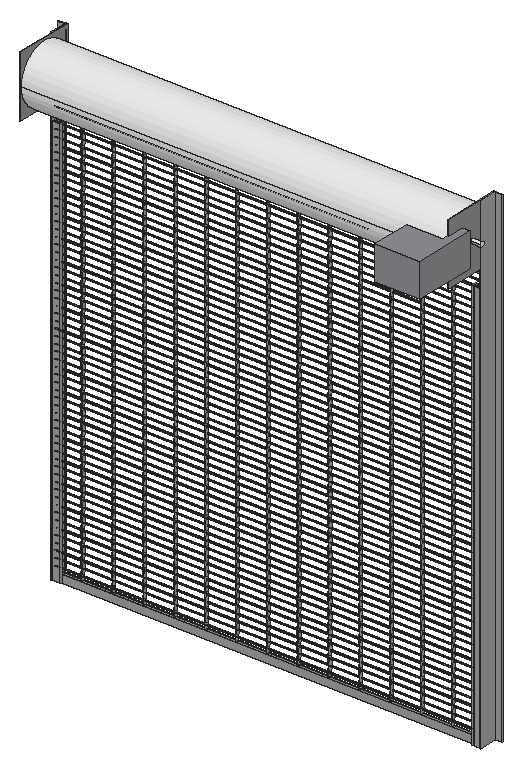
Revit family "Doors_Industrial_Overhead-Door-Corporation_Upward-Coiling-Security-Grilles-670_", category Specialty Equipment, host Wall, Revit 2019 (continued)
Definition of nested family "Motor"
  Definition of nested family "2D_NotScalableMain_29e791da-3db9-4234-ab15-44456784202b"
    Lines and regions (in)
      Masking region 8, in view "Ref. Level", visible <- "E-Egress"
        outline origin (0, 0, 0) x (1, 0, 0) y (0, 1, 0)
          loop
            arc (-4.02324, -5.67585) -> (0, -6.0017) -> (4.02324, -5.67585) r 25
            arc (4.02324, -5.67585) -> (4.24466, -5.55085) -> (4.3324, -5.3122) r 0.36846
            line (4.3324, -5.3122) -> (4.3324, -5.05565) -> (4.116, -5.05565) -> (4.116, -3.22517) -> (4.57, -3.22517) -> (4.57, -1.27241) -> (4.799, -1.27241) -> (4.799, -0.84111) -> (5.199, -0.84111) -> (5.199, 0.79) -> (7.2495, 0.79) -> (7.2495, -1.81) -> (7.52, -1.81) -> (7.52, 0.79) -> (8.82, 0.79) -> (8.82, 1.59) -> (7.52, 1.59) -> (7.52, 4.19) -> (7.2495, 4.19) -> (7.2495, 1.59) -> (4.57, 1.59) -> (4.57, 3.22517) -> (2.988, 3.22517) -> (2.988, 4.96193) -> (-2.988, 4.96193) -> (-2.988, 3.22517) -> (-4.5757, 3.22517) -> (-4.5757, 1.86661) -> (-5.42825, 1.86661) -> (-5.5274, 1.76746) -> (-5.5274, 0.30491) -> (-5.7485, 0.30491) -> (-5.7485, 0.96741) -> (-6.9985, 0.96741) -> (-6.9985, -0.96741)
      reference lines, in view "Ref. Level"
        curve 1: line (0, 0, 0) -> (0, 0.125, 0)
        curve 2: line (0, 0, 0) -> (0.125, 0, 0)
      detail lines, in view "Ref. Level", visible <- "Not Top + Bench"
        curve 3: line (7.2495, 4.19, 0) -> (7.2495, -1.81, 0)
        curve 4: line (7.52, 4.19, 0) -> (7.52, -1.81, 0)
        curve 5: line (-4.134, -2.29347, 0) -> (-4.134, -5.05565, 0)
        curve 6: line (4.116, -2.29347, 0) -> (4.116, -5.05565, 0)
        curve 7: line (-4.134, -2.41307, 0) -> (4.116, -2.41307, 0)
        curve 8: line (4.116, -2.29347, 0) -> (3.108, -2.29347, 0)
        curve 9: line (2.988, -2.17347, 0) -> (2.988, 4.96193, 0)
        curve 10: line (2.988, 4.96193, 0) -> (-2.988, 4.96193, 0)
        curve 11: line (-2.988, 4.96193, 0) -> (-2.988, -2.17347, 0)
        curve 12: arc (-2.988, -2.17347, 0) -> (-3.02315, -2.25832, 0) -> (-3.108, -2.29347, 0) r 0.12
        curve 13: arc (3.108, -2.29347, 0) -> (3.02315, -2.25832, 0) -> (2.988, -2.17347, 0) r 0.12
        curve 14: line (4.57, -3.22517, 0) -> (4.57, 0.77483, 0)
        curve 15: line (4.799, -1.27241, 0) -> (4.799, 0.77483, 0)
        curve 16: line (5.199, -0.84111, 0) -> (5.199, 0.77483, 0)
        curve 17: line (-4.5757, -3.22517, 0) -> (-4.5757, 3.22517, 0)
        curve 18: line (-5.42825, -1.86661, 0) -> (-5.42825, 1.86661, 0)
        curve 19: line (-5.5274, 1.76746, 0) -> (-5.5274, -1.76746, 0)
        curve 20: line (-5.7485, -0.96741, 0) -> (-5.7485, 0.96741, 0)
        curve 21: line (-4.134, -2.29347, 0) -> (-3.108, -2.29347, 0)
        curve 22: line (5.199, 0.77483, 0) -> (2.988, 0.77483, 0)
        curve 23: line (4.57, 1.59, 0) -> (2.988, 1.59, 0)
      detail lines, in view "Ref. Level", visible <- "Top + Bench"
        curve 24: line (-4.5757, -3.22517, 0) -> (-4.5757, 3.22517, 0)
        curve 25: line (-5.42825, 1.86661, 0) -> (-5.42825, -1.86661, 0)
        curve 26: line (-5.5274, 1.76746, 0) -> (-5.5274, -1.76746, 0)
        curve 27: line (-5.7485, -0.96741, 0) -> (-5.7485, 0.96741, 0)
        curve 28: line (-4.3324, 1.8898, 0) -> (-4.3324, 19.24819, 0)
        curve 29: line (-4.3324, 1.8898, 0) -> (4.3324, 1.8898, 0)
        curve 30: line (4.3324, 1.8898, 0) -> (4.3324, 19.24819, 0)
        curve 31: line (4.57, 3.22517, 0) -> (4.57, -3.22517, 0)
        curve 32: line (4.799, 1.27241, 0) -> (4.799, -1.22759, 0)
        curve 37: line (2.988, 20.0298, 0) -> (2.988, 19.24819, 0)
        curve 38: line (-2.988, 20.0298, 0) -> (-2.988, 19.24819, 0)
        curve 39: line (-3.108, 19.24819, 0) -> (-0.988, 19.24819, 0)
        curve 40: line (0.988, 19.24819, 0) -> (3.108, 19.24819, 0)
      detail lines, in view "Ref. Level", visible <- "Chain Hoist"
        curve 33: line (7.2495, 3, 0) -> (7.2495, -3, 0)
        curve 34: line (7.52, -3, 0) -> (7.52, 3, 0)
      detail lines, in view "Ref. Level", visible <- "Bench Mount"
        curve 35: line (-7.1205, 17.4298, 0) -> (-7.1205, 9.1098, 0)
        curve 36: line (-6.9985, 17.4298, 0) -> (-6.9985, 9.1098, 0)
      detail lines, in view "Ref. Level", visible <- "E-Egress"
        curve 41: line (7.2495, 4.19, 0) -> (7.2495, -1.81, 0)
        curve 42: line (7.52, 4.19, 0) -> (7.52, -1.81, 0)
        curve 43: line (-4.134, -2.29347, 0) -> (-4.134, -5.05565, 0)
        curve 44: line (4.116, -2.29347, 0) -> (4.116, -5.05565, 0)
        curve 45: line (-4.134, -2.41307, 0) -> (4.116, -2.41307, 0)
        curve 46: line (4.116, -2.29347, 0) -> (3.108, -2.29347, 0)
        curve 47: line (2.988, -2.17347, 0) -> (2.988, 4.96193, 0)
        curve 48: line (2.988, 4.96193, 0) -> (-2.988, 4.96193, 0)
        curve 49: line (-2.988, 4.96193, 0) -> (-2.988, -2.17347, 0)
        curve 50: arc (-2.988, -2.17347, 0) -> (-3.02315, -2.25832, 0) -> (-3.108, -2.29347, 0) r 0.12
        curve 51: arc (3.108, -2.29347, 0) -> (3.02315, -2.25832, 0) -> (2.988, -2.17347, 0) r 0.12
        curve 52: line (4.57, -3.22517, 0) -> (4.57, 0.77483, 0)
        curve 53: line (4.799, -1.27241, 0) -> (4.799, 0.77483, 0)
        curve 54: line (5.199, -0.84111, 0) -> (5.199, 0.77483, 0)
        curve 55: line (-4.5757, -3.22517, 0) -> (-4.5757, 3.22517, 0)
        curve 56: line (-5.42825, -1.86661, 0) -> (-5.42825, 1.86661, 0)
        curve 57: line (-5.5274, 1.76746, 0) -> (-5.5274, -1.76746, 0)
        curve 58: line (-5.7485, -0.96741, 0) -> (-5.7485, 0.96741, 0)
        curve 59: line (-4.134, -2.29347, 0) -> (-3.108, -2.29347, 0)
        curve 60: line (5.199, 0.77483, 0) -> (2.988, 0.77483, 0)
        curve 61: line (4.57, 1.59, 0) -> (2.988, 1.59, 0)
    Dimensions and locks (in)
      curve 1 to curve 1 = 1/8"
      curve 2 to curve 2 = 1/8"
      aligned and locked: plane 1 "Center (Front/Back)" to curve 1
      aligned and locked: plane 3 "Center (Left/Right)" to curve 1
      aligned and locked: plane 1 "Center (Front/Back)" to curve 2
Definition of nested family "670"
  Parameters (values of type "670")
    Step H = if(Lexan, 12", 9")  # 9"
    Slat Width = 3/4"  # constant formula
    Slat Type = if(Slat Option < 2, "Lattice", if(Slat Option = 2, "Brick", "Lexan"))  # "Lattice"
    Slat Option = 1
    SetBack = if(Lexan, 3", 2")  # 2"
    Second Rod Position = if(Lattice, 1.38", if(Brick, 2.38", 3.38"))  # 1.38"
    Panel Material = none
    Overall Height = if(Lattice, 8.38", if(Brick, 8.38", 12.38"))  # 8.38"
    Opening Width = 124 5/8"
    Lexsn Material = none
    Lexan = if(Slat Option > 2, 1 = 1, 1 = 2)  # no
    Lattice = if(Slat Option < 2, 1 = 1, 1 = 2)  # yes
    First Rod Position = if(Lattice, 1", 0")  # 1"
    Default Elevation = 48"
    Brick End = if(Brick, 1 = 2, 1 = 1)  # yes
    Brick = if(Slat Option = 2, 1 = 1, 1 = 2)  # no
    Array Visibility = if(Array < 2, 1 = 2, 1 = 1)  # yes
    Array Real = if(Array < 2, 2, Array)  # 12
    Array Length = (Array) * Step H + 0.16"  # 108.16"
    Array = rounddown((Opening Width) / Step H) - 1  # 12
    1 Element Visibility = not(Array Visibility)  # no
  Reference planes (in)
    plane 1 "Center (Front/Back)": y = 0
    plane 2: z = 0
    plane 3 "Center (Left/Right)": x = 0
    plane 4: x = -62.3125
    plane 5: x = 62.3125
    plane 6: y = 0.75
    plane 7: y = 0
    plane 8: z = 0
    plane 9: z = 1
    plane 10: y = 0.375
    plane 11 "Left": x = -54.08
    plane 12: x = -64.3125
    plane 13: x = 64.3125
    plane 14: z = 8.38
    plane 15: x = 54.08
    plane 16: x = 45.08
    plane 17: z = 7
    plane 18: x = 36.08
  Forms (in)
    Extrusion 1, solid, material <- "Panel Material"
      sketch origin (0, -4.98186, 2) x (0, 1, 0) y (0, 0, 1)
        loop
          circle (5.35686, -1) r 0.15625
        loop
          circle (5.35686, 1) r 0.16
      from -62.3125 to 62.3125
    Extrusion 2, solid, material <- "Panel Material"
      sketch origin (0, -4.98186, 2) x (0, 1, 0) y (0, 0, 1)
        loop
          circle (5.35686, 5) r 0.15625
        loop
          circle (5.35686, 3) r 0.16
      from -62.3125 to 62.3125
    Extrusion 3, solid, material <- "Lexsn Material", visible <- "Lexan"
      sketch origin (0, 0, 0) x (1, 0, 0) y (0, 0, 1)
        loop
          line (-62.3125, 0.5) -> (62.3125, 0.5) -> (62.3125, 2.5) -> (-62.3125, 2.5) -> (-62.3125, 0.5)
        loop
          line (-62.3125, 3.5) -> (62.3125, 3.5) -> (62.3125, 5.5) -> (-62.3125, 5.5) -> (-62.3125, 3.5)
        loop
          line (-62.3125, 6.5) -> (62.3125, 6.5) -> (62.3125, 8.5) -> (-62.3125, 8.5) -> (-62.3125, 6.5)
        loop
          line (-62.3125, 9.5) -> (62.3125, 9.5) -> (62.3125, 11.5) -> (-62.3125, 11.5) -> (-62.3125, 9.5)
      from -0.53125 to -0.21875
  Dimensions and locks (in)
    equal spacing: plane 4, plane 3 "Center (Left/Right)", plane 5
    "Opening Width": plane 4 to plane 5
    "Slat Width": plane 1 "Center (Front/Back)" to plane 6
    "First Rod Position": plane 9 to level
    equal spacing: plane 1 "Center (Front/Back)", plane 10, plane 6
    locked: plane 12 to plane 4 at 2
    locked: plane 13 to plane 5 at 2
    "Overall Height": plane 14 to level
    equal spacing: plane 11 "Left", plane 3 "Center (Left/Right)", plane 15
    "Array Length": plane 11 "Left" to plane 15
    "Step H": plane 16 to plane 15
    "Second Rod Position": plane 14 to plane 17
    locked: Extrusion 3 sketch curve to Extrusion 3 sketch curve at 2  (x4)
    locked: Extrusion 3 sketch curve to level at 0.5
    locked: Extrusion 3 sketch curve to Extrusion 3 sketch curve at 1  (x3)
    "Step H": plane 18 to plane 16
    equal spacing: group 12, group 11, group 10, group 9, group 8, group 7, group 6, group 5, group 4, group 3, group 2, group 1
    equal spacing: group 1, group 2, group 3, group 4, group 5, group 6, group 7, group 8, group 9, group 10, group 11, group 12  (x2)
    "SetBack": plane 17 to Extrusion 2 sketch curve
    "SetBack": Extrusion 1 sketch curve to Extrusion 1 sketch curve
    radius of Extrusion 1 sketch curve = 5/32"
    radius of Extrusion 2 sketch curve = 5/32"
    radius of Extrusion 2 sketch curve = 0.16"
    radius of Extrusion 1 sketch curve = 0.16"
    aligned and locked: plane 2 to level
    aligned and locked: plane 1 "Center (Front/Back)" to plane 7
    aligned and locked: level to plane 8
    aligned and locked: plane 4 to Extrusion 1
    aligned and locked: plane 5 to Extrusion 1
    aligned and locked: plane 10 to Extrusion 1 sketch curve
    aligned and locked: plane 17 to Extrusion 2 sketch curve
    aligned and locked: plane 10 to Extrusion 2 sketch curve
    aligned and locked: plane 5 to Extrusion 2
    aligned and locked: plane 4 to Extrusion 2
    aligned and locked: Extrusion 3 sketch curve to plane 4  (x2)
    aligned and locked: plane 5 to Extrusion 3 sketch curve  (x2)
    aligned and locked: nested 1 to plane 15
    aligned and locked: plane 8 to nested 1
    aligned and locked: plane 8 to nested 2
    aligned and locked: plane 8 to nested 3
    aligned and locked: nested 2 to plane 16
    aligned and locked: nested 3 to plane 18
    aligned and locked: plane 4 to Extrusion 3 sketch curve  (x2)
    aligned and locked: Extrusion 3 sketch curve to plane 5  (x2)
    aligned and locked: plane 9 to Extrusion 1 sketch curve
    aligned and locked: plane 8 to nested 11
    aligned and locked: nested 11 to plane 16
  Automatic sketch dimensions
    Extrusion 1 sketch curve to plane 10 = 0"
    Extrusion 2 sketch curve to plane 10 = 0"
  Nested families (in)
    nested 1: "Family1" at (54.08, 0, 0), Individual Brick <- "Brick End", type "Family1"
      with Individual Brick yes, SetBack 2", Lexan no, Lattice yes, Height 8.38"
    nested 2: "Family1" at (45.08, 0, 0), visible <- "Array Visibility", type "Family1"
      with Individual Brick yes, SetBack 2", Lexan no, Lattice yes, Height 8.38"
    nested 3: "Family1" at (36.08, 0, 0), visible <- "Array Visibility", type "Family1"
      with Individual Brick yes, SetBack 2", Lexan no, Lattice yes, Height 8.38"
    nested 4: "Family1" at (27.08, 0, 0), visible <- "Array Visibility", type "Family1"
      with Individual Brick yes, SetBack 2", Lexan no, Lattice yes, Height 8.38"
    nested 5: "Family1" at (18.08, 0, 0), visible <- "Array Visibility", type "Family1"
      with Individual Brick yes, SetBack 2", Lexan no, Lattice yes, Height 8.38"
    nested 6: "Family1" at (9.08, 0, 0), visible <- "Array Visibility", type "Family1"
      with Individual Brick yes, SetBack 2", Lexan no, Lattice yes, Height 8.38"
    nested 7: "Family1" at (0.08, 0, 0), visible <- "Array Visibility", type "Family1"
      with Individual Brick yes, SetBack 2", Lexan no, Lattice yes, Height 8.38"
    nested 8: "Family1" at (-8.92, 0, 0), visible <- "Array Visibility", type "Family1"
      with Individual Brick yes, SetBack 2", Lexan no, Lattice yes, Height 8.38"
    nested 9: "Family1" at (-17.92, 0, 0), visible <- "Array Visibility", type "Family1"
      with Individual Brick yes, SetBack 2", Lexan no, Lattice yes, Height 8.38"
    nested 10: "Family1" at (-26.92, 0, 0), visible <- "Array Visibility", type "Family1"
      with Individual Brick yes, SetBack 2", Lexan no, Lattice yes, Height 8.38"
    nested 11: "Family1" at (45.08, 0, 0), visible <- "1 Element Visibility", type "Family1"
      with Individual Brick yes, SetBack 2", Lexan no, Lattice yes, Height 8.38"
    nested 12: "Family1" at (-35.92, 0, 0), visible <- "Array Visibility", type "Family1"
      with Individual Brick yes, SetBack 2", Lexan no, Lattice yes, Height 8.38"
    nested 13: "Family1" at (-44.92, 0, 0), visible <- "Array Visibility", type "Family1"
      with Individual Brick yes, SetBack 2", Lexan no, Lattice yes, Height 8.38"
    nested 14: "Family1" at (-53.92, 0, 0), visible <- "Array Visibility", type "Family1"
      with Individual Brick yes, SetBack 2", Lexan no, Lattice yes, Height 8.38"
  Definition of nested family "Family1"
    Parameters (values of type "Family1")
      Wide = 3/4"  # constant formula
      Slat Material = none
      SetBack = if(Lexan, 3", 2")  # 3"
      Lexan = yes
      Lattice = no
      Individual Brick [instance] = yes
      Height = if(Lattice, 8.38", if(Brick, 8.38", 12.38"))  # 12.38"
      Default Elevation = 48"
      Brick Offset = if(Brick, 4.34", 0")  # 0"
      Brick = no
    Reference planes (in)
      plane 1 "Center (Front/Back)": y = 0
      plane 2: z = 0
      plane 3 "Center (Left/Right)": x = 0
      plane 4: z = 12.38
      plane 5 "Brick": x = 0
      plane 6: z = 3
      plane 7: z = 0
      plane 8: z = 12.005
      plane 9: z = 9.005
      plane 10: z = 6.005
      plane 11: z = 3.005
      plane 12: z = 6
      plane 13: z = 9
    Forms (in)
      Extrusion 1, solid, material <- "Slat Material"
        sketch origin (0, 0, 0) x (0, 1, 0) y (0, 0, 1)
          loop
            line (0, 3) -> (0, 0)
            arc (0, 0) -> (0.375, -0.375) -> (0.75, 0) r 0.375
            line (0.75, 0) -> (0.75, 3)
            arc (0.75, 3) -> (0.375, 3.375) -> (0, 3) r 0.375
          loop
            line (0, 9) -> (0, 6)
            arc (0, 6) -> (0.375, 5.625) -> (0.75, 6) r 0.375
            line (0.75, 6) -> (0.75, 9)
            arc (0.75, 9) -> (0.375, 9.375) -> (0, 9) r 0.375
        from 0 to -0.16
      Extrusion 2, solid, material <- "Slat Material", visible <- "Individual Brick"
        sketch origin (0, -180, -12.72415) x (0, 0, -1) y (0, -1, 0)
          loop
            arc (-24.72915, -180) -> (-25.10415, -180.375) -> (-24.72915, -180.75) r 0.375
            line (-24.72915, -180.75) -> (-21.72915, -180.75)
            arc (-21.72915, -180.75) -> (-21.35415, -180.375) -> (-21.72915, -180) r 0.375
            line (-21.72915, -180) -> (-24.72915, -180)
          loop
            arc (-18.72915, -180) -> (-19.10415, -180.375) -> (-18.72915, -180.75) r 0.375
            line (-18.72915, -180.75) -> (-15.72915, -180.75)
            arc (-15.72915, -180.75) -> (-15.35415, -180.375) -> (-15.72915, -180) r 0.375
            line (-15.72915, -180) -> (-18.72915, -180)
        from 0 to -0.16
    Dimensions and locks (in)
      "Height": plane 4 to level
      "Brick Offset": plane 5 "Brick" to plane 3 "Center (Left/Right)"
      "Wide": Extrusion 1 sketch curve to Extrusion 1 sketch curve
      "SetBack": plane 6 to plane 7
      "Wide": Extrusion 2 sketch curve to Extrusion 2 sketch curve  (x2)
      "SetBack": plane 8 to plane 9
      locked: plane 4 to plane 8 at 0.375
      "SetBack": plane 9 to plane 10
      "SetBack": plane 10 to plane 11
      "SetBack": plane 12 to plane 6
      "SetBack": plane 13 to plane 12
      radius of Extrusion 1 sketch curve = 3/8"  (x4)
      radius of Extrusion 2 sketch curve = 3/8"  (x4)
      aligned and locked: plane 2 to level
      aligned and locked: level to plane 7
      aligned and locked: plane 6 to Extrusion 1 sketch curve  (x2)
      aligned and locked: plane 7 to Extrusion 1 sketch curve
      aligned and locked: plane 8 to Extrusion 2 sketch curve  (x2)
      aligned and locked: plane 9 to Extrusion 2 sketch curve
      aligned and locked: plane 10 to Extrusion 2 sketch curve  (x2)
      aligned and locked: plane 11 to Extrusion 2 sketch curve
      aligned and locked: plane 13 to Extrusion 1 sketch curve
      aligned and locked: plane 12 to Extrusion 1 sketch curve  (x2)
    Automatic sketch dimensions
      Extrusion 1 sketch curve to plane 1 "Center (Front/Back)" = 0"  (x2)
      Extrusion 2 sketch curve to plane 1 "Center (Front/Back)" = 0"  (x2)
Definition of nested family "Label Annotation 1"
  Parameters (values of type "Label Annotation 1-8")
    Label = "Area is too big. Please reduce Door Size."
  Reference planes (in)
    plane 1: y = 0
    plane 2: x = 0
  Text (in)
    label "Label" at (0.00375, -0.00345, 0), shows "Label"
Definition of nested family "Warning Sign"
  Parameters (values of type "Warning Sign")
    Warning Sign [instance] = no
    Default Elevation = 48"
  Reference planes (in)
    plane 1 "Center (Front/Back)": y = 0
    plane 2: z = 0
    plane 3 "Center (Left/Right)": x = 0
    plane 4: y = 0.5
    plane 5: y = -0.5
    plane 6: y = 1
    plane 7: y = 0.25
  Lines and regions (in)
    model lines
      curve 1: line (-2.26129, 1, 45.69444) -> (-26.3817, 1, 3.91667)
      curve 2: line (-25.25106, 1, 3.26389) -> (-1.13064, 1, 45.04167)
      curve 3: arc (2.26129, 1, 45.69444) -> (0, 1, 47) -> (-2.26129, 1, 45.69444) r 2.61111
      curve 4: arc (-1.13064, 1, 45.04167) -> (0, 1, 45.69444) -> (1.13064, 1, 45.04167) r 1.30556
      curve 5: line (1.13064, 1, 45.04167) -> (25.25106, 1, 3.26389)
      curve 6: line (26.3817, 1, 3.91667) -> (2.26129, 1, 45.69444)
      curve 7: arc (25.25106, 1, 3.26389) -> (25.25106, 1, 1.95833) -> (24.12041, 1, 1.30556) r 1.30556
      curve 8: arc (24.12041, 1, 0) -> (26.3817, 1, 1.30556) -> (26.3817, 1, 3.91667) r 2.61111
      curve 9: line (24.12041, 1, 1.30556) -> (-24.12041, 1, 1.30556)
      curve 10: line (-24.12041, 1, 0) -> (24.12041, 1, 0)
      curve 11: arc (-24.12041, 1, 1.30556) -> (-25.25106, 1, 1.95833) -> (-25.25106, 1, 3.26389) r 1.30556
      curve 12: arc (-26.3817, 1, 3.91667) -> (-26.3817, 1, 1.30556) -> (-24.12041, 1, 0) r 2.61111
      curve 13: arc (-2.29479, 1, 8.63537) -> (0, 1, 6.34057) -> (2.29479, 1, 8.63537) r 2.29479
      curve 14: arc (2.29479, 1, 8.63537) -> (0, 1, 10.93016) -> (-2.29479, 1, 8.63537) r 2.29479
      curve 15: arc (-1.6331, 1, 13.97069) -> (0.03439, 1, 12.53727) -> (1.69278, 1, 13.98121) r 1.68043
      curve 16: line (-3.77413, 1, 28.37873) -> (-1.6331, 1, 13.97069)
      curve 17: line (1.69278, 1, 13.98121) -> (3.73924, 1, 28.37873)
      curve 18: arc (3.73924, 1, 28.37873) -> (-0.01745, 1, 32.13541) -> (-3.77413, 1, 28.37873) r 3.75668
      curve 19: line (-2.26129, -0.5, 45.69444) -> (-26.3817, -0.5, 3.91667)
      curve 20: line (-25.25106, -0.5, 3.26389) -> (-1.13064, -0.5, 45.04167)
      curve 21: arc (2.26129, -0.5, 45.69444) -> (0, -0.5, 47) -> (-2.26129, -0.5, 45.69444) r 2.61111
      curve 22: arc (-1.13064, -0.5, 45.04167) -> (0, -0.5, 45.69444) -> (1.13064, -0.5, 45.04167) r 1.30556
      curve 23: line (1.13064, -0.5, 45.04167) -> (25.25106, -0.5, 3.26389)
      curve 24: line (26.3817, -0.5, 3.91667) -> (2.26129, -0.5, 45.69444)
      curve 25: arc (25.25106, -0.5, 3.26389) -> (25.25106, -0.5, 1.95833) -> (24.12041, -0.5, 1.30556) r 1.30556
      curve 26: arc (24.12041, -0.5, 0) -> (26.3817, -0.5, 1.30556) -> (26.3817, -0.5, 3.91667) r 2.61111
      curve 27: line (24.12041, -0.5, 1.30556) -> (-24.12041, -0.5, 1.30556)
      curve 28: line (-24.12041, -0.5, 0) -> (24.12041, -0.5, 0)
      curve 29: arc (-24.12041, -0.5, 1.30556) -> (-25.25106, -0.5, 1.95833) -> (-25.25106, -0.5, 3.26389) r 1.30556
      curve 30: arc (-26.3817, -0.5, 3.91667) -> (-26.3817, -0.5, 1.30556) -> (-24.12041, -0.5, 0) r 2.61111
      curve 31: arc (-2.29479, -0.5, 8.63537) -> (0, -0.5, 6.34057) -> (2.29479, -0.5, 8.63537) r 2.29479
      curve 32: arc (2.29479, -0.5, 8.63537) -> (0, -0.5, 10.93016) -> (-2.29479, -0.5, 8.63537) r 2.29479
      curve 33: arc (-1.6331, -0.5, 13.97069) -> (0.03439, -0.5, 12.53727) -> (1.69278, -0.5, 13.98121) r 1.68043
      curve 34: line (-3.77413, -0.5, 28.37873) -> (-1.6331, -0.5, 13.97069)
      curve 35: line (1.69278, -0.5, 13.98121) -> (3.73924, -0.5, 28.37873)
      curve 36: arc (3.73924, -0.5, 28.37873) -> (-0.01745, -0.5, 32.13541) -> (-3.77413, -0.5, 28.37873) r 3.75668
  Dimensions and locks (in)
    locked: plane 1 "Center (Front/Back)" to plane 4 at 0.5
    equal spacing: plane 1 "Center (Front/Back)", plane 7, plane 4
    locked: plane 4 to plane 6 at 0.5
    locked: plane 5 to plane 1 "Center (Front/Back)" at 0.5
    aligned and locked: plane 2 to level
  Automatic sketch dimensions
    curve 21 to curve 22 = 0"  (x2)
    curve 25 to curve 26 = 0"  (x2)
    curve 29 to curve 30 = 0"  (x2)
    curve 31 to curve 32 = 0"  (x2)
    curve 21 to plane 3 "Center (Left/Right)" = 0"
    curve 31 to plane 3 "Center (Left/Right)" = 0"
    curve 30 to level = 0"
    level to curve 27 = 1.30556"
    curve 26 to curve 27 = 1.30556"
    curve 29 to curve 27 = 1.30556"
    curve 23 to curve 25 = 0.65278"
    curve 20 to curve 29 = 0.65278"
    curve 24 to curve 23 = 0.65278"
    curve 19 to curve 20 = 0.65278"
    level to curve 32 = 8.63537"
    curve 34 to plane 3 "Center (Left/Right)" = 1.6331"
    curve 34 to curve 31 = 5.33532"
    plane 3 "Center (Left/Right)" to curve 35 = 1.69278"
    curve 35 to curve 34 = 0.01052"
    plane 3 "Center (Left/Right)" to curve 33 = 0.02908"
    curve 36 to plane 3 "Center (Left/Right)" = 0.01745"
    curve 36 to curve 33 = 14.16104"
    curve 22 to curve 36 = 16.01016"
    plane 3 "Center (Left/Right)" to curve 23 = 1.13064"
    curve 23 to curve 21 = 0.65278"
    curve 20 to plane 3 "Center (Left/Right)" = 1.13064"
    plane 3 "Center (Left/Right)" to curve 24 = 2.26129"
    curve 24 to curve 22 = 0.65278"
    curve 19 to plane 3 "Center (Left/Right)" = 2.26129"
    curve 34 to curve 36 = 3.75668"
    curve 30 to plane 3 "Center (Left/Right)" = 24.12041"
    plane 3 "Center (Left/Right)" to curve 25 = 24.12041"
    curve 31 to curve 31 = 2.29479"
    curve 3 to curve 4 = 0"  (x2)
    curve 7 to curve 8 = 0"  (x2)
    curve 11 to curve 12 = 0"  (x2)
    curve 13 to curve 14 = 0"  (x2)
    curve 3 to plane 3 "Center (Left/Right)" = 0"
    curve 13 to plane 3 "Center (Left/Right)" = 0"
    curve 12 to level = 0"
    level to curve 9 = 1.30556"
    curve 8 to curve 9 = 1.30556"
    curve 11 to curve 9 = 1.30556"
    curve 5 to curve 7 = 0.65278"
    curve 2 to curve 11 = 0.65278"
    curve 6 to curve 5 = 0.65278"
    curve 1 to curve 2 = 0.65278"
    level to curve 14 = 8.63537"
    curve 16 to plane 3 "Center (Left/Right)" = 1.6331"
    curve 16 to curve 13 = 5.33532"
    plane 3 "Center (Left/Right)" to curve 17 = 1.69278"
    curve 17 to curve 16 = 0.01052"
    plane 3 "Center (Left/Right)" to curve 15 = 0.02908"
    curve 18 to plane 3 "Center (Left/Right)" = 0.01745"
    curve 18 to curve 15 = 14.16104"
    curve 4 to curve 18 = 16.01016"
    plane 3 "Center (Left/Right)" to curve 5 = 1.13064"
    curve 5 to curve 3 = 0.65278"
    curve 2 to plane 3 "Center (Left/Right)" = 1.13064"
    plane 3 "Center (Left/Right)" to curve 6 = 2.26129"
    curve 6 to curve 4 = 0.65278"
    curve 1 to plane 3 "Center (Left/Right)" = 2.26129"
    curve 16 to curve 18 = 3.75668"
    curve 12 to plane 3 "Center (Left/Right)" = 24.12041"
    plane 3 "Center (Left/Right)" to curve 7 = 24.12041"
    curve 13 to curve 13 = 2.29479"
Types (9): name | Voltage | Operator Visibility | Number of Poles | Hood Offset | Headroom Height Real | Headroom Height | Frequency | Door Height True | Door Height (Real) | Floor To (CL) of Shaft | Chain Hoist or Manual | Current | Connector Array | Calculated Area | Apparent Load Phase 3 | Apparent Load Phase 2 | Apparent Load Phase 1
  115 volts, one phase, 60 Hz (110-120V range) | 115 V | yes | 1 | 5" | 23" | 23" | 60 Hz | 143" | 125" | 134" | no | 20 A | 3 | 104.601 SF | 0 VA | 0 VA | 2300 VA
  Chain Hoist | 0 V | yes | 1 | 3" | 21" | 21" | 0 Hz | 141" | 123" | 132" | yes | 0 A | 2 | 102.927 SF | 0 VA | 0 VA | 0 VA
  Manual push-up | 0 V | no | 1 | 3" | 21" | 21" | 0 Hz | 141" | 123" | 132" | yes | 0 A | 2 | 102.927 SF | 0 VA | 0 VA | 0 VA
  230 volts, three phase, 60 Hz (208-245V range) | 230 V | yes | 3 | 5" | 23" | 23" | 60 Hz | 143" | 125" | 134" | no | 20 A | 3 | 104.601 SF | 2655.81 VA | 2655.81 VA | 2655.81 VA
  230 volts, single phase, 60 Hz (208-245V range) | 230 V | yes | 1 | 5" | 23" | 23" | 60 Hz | 143" | 125" | 134" | no | 20 A | 3 | 104.601 SF | 0 VA | 0 VA | 4600 VA
  460 volts, three phase, 60 Hz (456-495V range) | 460 V | yes | 3 | 5" | 23" | 23" | 60 Hz | 143" | 125" | 134" | no | 20 A | 3 | 104.601 SF | 5311.62 VA | 5311.62 VA | 5311.62 VA
  208 volts, one phase, 60 Hz (190-207V range) | 208 V | yes | 1 | 5" | 23" | 23" | 60 Hz | 143" | 125" | 134" | no | 20 A | 3 | 104.601 SF | 0 VA | 0 VA | 4160 VA
  208 volts, three phase, 60 Hz (190-207V range) | 208 V | yes | 3 | 5" | 23" | 23" | 60 Hz | 143" | 125" | 134" | no | 20 A | 3 | 104.601 SF | 2401.78 VA | 2401.78 VA | 2401.78 VA
  575 volts, three phase, 60 Hz | 575 V | yes | 3 | 5" | 23" | 23" | 60 Hz | 143" | 125" | 134" | no | 20 A | 3 | 104.601 SF | 6639.53 VA | 6639.53 VA | 6639.53 VA
